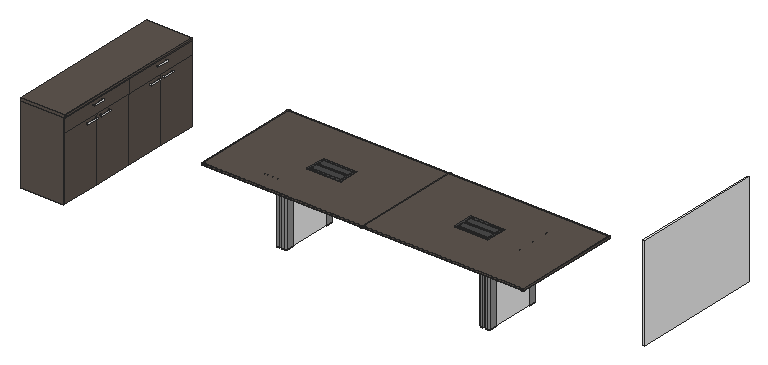
Revit family "T400150", category Furniture, Revit 2018 (continued)
Definition of nested family "FIRST OFFICE_INTERMIX_BASES_METAL-END-CAP-PEDESTAL"
  Automatic sketch dimensions
    Extrusion 14 sketch curve to Extrusion 14 sketch curve = 0' - 0.73166"
    Extrusion 14 sketch curve to plane 15 = 0' - 1.18745"
    Extrusion 14 sketch curve to Extrusion 14 sketch curve = 0' - 1.0626"
    Extrusion 14 sketch curve to Extrusion 14 sketch curve = 0' - 1.15615"
    Extrusion 14 sketch curve to Extrusion 14 sketch curve = 0' - 1.20574"
    Extrusion 14 sketch curve to Extrusion 14 sketch curve = 0' - 0 25/32"
    Extrusion 15 sketch curve to plane 9 = 0' - 0"
    plane 8 to Extrusion 15 sketch curve = 0' - 0"
    Extrusion 15 sketch curve to plane 9 = 0' - 1 3/32"
    Extrusion 15 sketch curve to plane 12 = 0' - 4 1/16"  (x2)
    Extrusion 15 sketch curve to Extrusion 15 sketch curve = 0' - 0 3/4"  (x2)
    Extrusion 15 sketch curve to plane 8 = 0' - 1 3/32"
    plane 8 to Masking region 7 sketch curve = 0' - 0"
    Masking region 7 sketch curve to plane 9 = 0' - 0"
    Masking region 7 sketch curve to plane 15 = 0' - 0"
    Masking region 7 sketch curve to plane 15 = 0' - 1 7/32"  (x2)
    Masking region 7 sketch curve to Masking region 7 sketch curve = 0' - 1"  (x2)
    Masking region 7 sketch curve to plane 7 = 0' - 1 17/32"
    Masking region 7 sketch curve to Masking region 7 sketch curve = 0' - 1 1/4"  (x2)
    Masking region 7 sketch curve to plane 12 = 0' - 4 1/16"
    Masking region 7 sketch curve to plane 9 = 0' - 1 3/32"  (x2)
    Masking region 7 sketch curve to Masking region 7 sketch curve = 0' - 0 23/32"
    Masking region 7 sketch curve to Masking region 7 sketch curve = 0' - 0 3/4"  (x6)
    plane 15 to Masking region 7 sketch curve = 0' - 0 1/32"  (x2)
    plane 15 to Masking region 7 sketch curve = 0' - 0 3/4"
    plane 15 to Masking region 7 sketch curve = 0' - 0 25/32"  (x2)
    Masking region 7 sketch curve to Masking region 7 sketch curve = 0' - 0"
    Masking region 7 sketch curve to Masking region 7 sketch curve = 0' - 0 1/2"
    Masking region 7 sketch curve to plane 8 = 0' - 1 3/32"  (x2)
    plane 6 to Masking region 7 sketch curve = 0' - 2 9/32"  (x2)
    Masking region 7 sketch curve to Masking region 7 sketch curve = 0' - 0 1/4"
    Extrusion 16 sketch curve to plane 9 = 0' - 1 3/32"
    Extrusion 17 sketch curve to plane 16 = 0' - 0"
    Extrusion 17 sketch curve to plane 8 = 0' - 0 3/32"
    Extrusion 17 sketch curve to plane 8 = 0' - 1 3/32"  (x2)
    plane 6 to Extrusion 17 sketch curve = 0' - 2 9/32"  (x2)
    plane 16 to Extrusion 17 sketch curve = 0' - 0 25/32"
    Extrusion 17 sketch curve to Extrusion 17 sketch curve = 0' - 0 1/4"
    Extrusion 17 sketch curve to Extrusion 17 sketch curve = 0' - 0 1/2"
    plane 16 to Extrusion 17 sketch curve = 0' - 0 1/32"
    Extrusion 17 sketch curve to Extrusion 17 sketch curve = 0' - 0 3/4"
    Extrusion 17 sketch curve to plane 16 = 0' - 1 7/32"
    Extrusion 17 sketch curve to Extrusion 17 sketch curve = 0' - 1"
    Extrusion 17 sketch curve to plane 16 = 0' - 3 7/16"
    Extrusion 17 sketch curve to Extrusion 17 sketch curve = 0' - 1 1/4"
    Extrusion 17 sketch curve to Extrusion 17 sketch curve = 0' - 0 25/32"
    Extrusion 18 sketch curve to plane 16 = 0' - 0.0313"
    Extrusion 18 sketch curve to plane 8 = 0' - 0.12505"
    Extrusion 18 sketch curve to plane 8 = 0' - 1.12505"  (x2)
    plane 6 to Extrusion 18 sketch curve = 0' - 2.29421"  (x2)
    plane 16 to Extrusion 18 sketch curve = 0' - 0.74995"
    Extrusion 18 sketch curve to Extrusion 18 sketch curve = 0' - 0.23166"
    Extrusion 18 sketch curve to Extrusion 18 sketch curve = 0' - 0 1/2"
    plane 16 to Extrusion 18 sketch curve = 0' - 0.01829"
    Extrusion 18 sketch curve to Extrusion 18 sketch curve = 0' - 0.73166"
    Extrusion 18 sketch curve to plane 16 = 0' - 1.18745"
    Extrusion 18 sketch curve to Extrusion 18 sketch curve = 0' - 1.0626"
    Extrusion 18 sketch curve to Extrusion 18 sketch curve = 0' - 1.15615"
    Extrusion 18 sketch curve to Extrusion 18 sketch curve = 0' - 1.20574"
    Extrusion 18 sketch curve to Extrusion 18 sketch curve = 0' - 0 25/32"
    Extrusion 19 sketch curve to plane 8 = 0' - 1 3/32"
    Extrusion 19 sketch curve to plane 9 = 0' - 1 3/32"
    Extrusion 19 sketch curve to plane 16 = 0' - 3 7/16"
    Extrusion 20 sketch curve to plane 16 = 0' - 0"
    Extrusion 20 sketch curve to plane 9 = 0' - 0 3/32"
    Extrusion 20 sketch curve to plane 9 = 0' - 1 3/32"  (x2)
    Extrusion 20 sketch curve to plane 7 = 0' - 2 9/32"  (x2)
    plane 16 to Extrusion 20 sketch curve = 0' - 0 25/32"
    Extrusion 20 sketch curve to Extrusion 20 sketch curve = 0' - 0 1/4"
    Extrusion 20 sketch curve to Extrusion 20 sketch curve = 0' - 0 1/2"
    plane 16 to Extrusion 20 sketch curve = 0' - 0 1/32"
    Extrusion 20 sketch curve to Extrusion 20 sketch curve = 0' - 0 3/4"
    Extrusion 20 sketch curve to plane 16 = 0' - 1 7/32"
    Extrusion 20 sketch curve to Extrusion 20 sketch curve = 0' - 1"
    Extrusion 20 sketch curve to plane 16 = 0' - 3 7/16"
    Extrusion 20 sketch curve to Extrusion 20 sketch curve = 0' - 1 1/4"
    Extrusion 20 sketch curve to Extrusion 20 sketch curve = 0' - 0 25/32"
    Extrusion 21 sketch curve to plane 16 = 0' - 0.0313"
    Extrusion 21 sketch curve to plane 9 = 0' - 0.12505"
    Extrusion 21 sketch curve to plane 9 = 0' - 1.12505"  (x2)
    Extrusion 21 sketch curve to plane 7 = 0' - 2.29421"  (x2)
    plane 16 to Extrusion 21 sketch curve = 0' - 0.74995"
    Extrusion 21 sketch curve to Extrusion 21 sketch curve = 0' - 0.23166"
    Extrusion 21 sketch curve to Extrusion 21 sketch curve = 0' - 0 1/2"
    plane 16 to Extrusion 21 sketch curve = 0' - 0.01829"
    Extrusion 21 sketch curve to Extrusion 21 sketch curve = 0' - 0.73166"
    Extrusion 21 sketch curve to plane 16 = 0' - 1.18745"
    Extrusion 21 sketch curve to Extrusion 21 sketch curve = 0' - 1.0626"
    Extrusion 21 sketch curve to Extrusion 21 sketch curve = 0' - 3.3749"
    Extrusion 21 sketch curve to Extrusion 21 sketch curve = 0' - 1.20574"
    Extrusion 21 sketch curve to Extrusion 21 sketch curve = 0' - 0 25/32"
    Extrusion 22 sketch curve to plane 9 = 0' - 0"
    plane 8 to Extrusion 22 sketch curve = 0' - 0"
    plane 9 to Extrusion 22 sketch curve = 0' - 1 3/32"
    plane 14 to Extrusion 22 sketch curve = 0' - 4 1/16"  (x2)
    Extrusion 22 sketch curve to Extrusion 22 sketch curve = 0' - 0 3/4"  (x2)
    plane 8 to Extrusion 22 sketch curve = 0' - 1 3/32"
    Masking region 8 sketch curve to plane 9 = 0' - 0"
    plane 8 to Masking region 8 sketch curve = 0' - 0"
    Masking region 8 sketch curve to plane 16 = 0' - 0"
    Masking region 8 sketch curve to plane 9 = 0' - 1 3/32"  (x2)
    Masking region 8 sketch curve to plane 7 = 0' - 2 9/32"  (x2)
    plane 16 to Masking region 8 sketch curve = 0' - 0 25/32"  (x2)
    Masking region 8 sketch curve to Masking region 8 sketch curve = 0' - 0 1/4"  (x2)
    Masking region 8 sketch curve to Masking region 8 sketch curve = 0' - 0 1/2"  (x2)
    Masking region 8 sketch curve to plane 8 = 0' - 1 3/32"  (x2)
    plane 6 to Masking region 8 sketch curve = 0' - 2 9/32"  (x2)
    plane 16 to Masking region 8 sketch curve = 0' - 0 1/32"  (x2)
    Masking region 8 sketch curve to Masking region 8 sketch curve = 0' - 0 3/4"  (x4)
    Masking region 8 sketch curve to plane 16 = 0' - 1 7/32"  (x2)
    Masking region 8 sketch curve to Masking region 8 sketch curve = 0' - 1"  (x2)
    Masking region 8 sketch curve to Masking region 8 sketch curve = 0' - 1 1/4"  (x2)
    Masking region 8 sketch curve to plane 14 = 0' - 4 1/16"
    Masking region 8 sketch curve to Masking region 8 sketch curve = 0' - 0 23/32"
    Masking region 8 sketch curve to Masking region 8 sketch curve = 0' - 0 1/32"
Definition of nested family "FIRST OFFICE_INTERMIX_TOPS_RECTANGULAR"
  Parameters (values of type "INTERMIX-TOP-RECTANGULAR_CC-K7236RT")
    URL = "http://www.firstoffice.com/products/tables/intermix"
    TWO PIECE = TOP WIDTH > 9' 0"  # no
    TOP WIDTH = 6' - 0"
    TOP DEPTH = 3' - 0"
    TOP CORE = none
    THICKNESS = 0' - 1 1/8"
    ONE PIECE = TOP WIDTH < 9' 0"  # yes
    Manufacturer = "FIRST OFFICE-INTERMIX"
    MODEL NUMBER = "CC-K7236RT"
    MANUFACTURERS' CODE = "FOF"
    ENVIRONMENTAL = "http://www.firstoffice.com/company/environment/"
    EDGE SHAPE = none
    Description = "RECTANGULAR TOP/SEATS 6"
    CATALOG CODE = "FOF"
  Types (36): name | TWO PIECE | TOP WIDTH | TOP DEPTH | THICKNESS | ONE PIECE | MODEL NUMBER | Description
    (no name) | no | 6' - 0" | 3' - 0" | 0' - 1 1/8" | yes | "CC-K7236RT" | "RECTANGULAR TOP/SEATS 6"
    INTERMIX-TOP-RECTANGULAR_CC-K7236RT | no | 6' - 0" | 3' - 0" | 0' - 1 1/8" | yes | "CC-K7236RT" | "RECTANGULAR TOP/SEATS 6"
    INTERMIX-TOP-RECTANGULAR_CC-K8442RT | no | 7' - 0" | 3' - 6" | 0' - 1 1/8" | yes | "CC-K8442RT" | "RECTANGULAR TOP/SEATS 6"
    INTERMIX-TOP-RECTANGULAR_CC-K9642RT | no | 8' - 0" | 3' - 6" | 0' - 1 1/8" | yes | "CC-K9642RT" | "RECTANGULAR TOP/SEATS 8"
    INTERMIX-TOP-RECTANGULAR_CC-K12048RT | yes | 10' - 0" | 4' - 0" | 0' - 1 1/8" | no | "CC-K12048RT" | "RECTANGULAR TOP/SEATS 10"
    INTERMIX-TOP-RECTANGULAR_CC-K14448RT | yes | 12' - 0" | 4' - 0" | 0' - 1 1/8" | no | "CC-K14448RT" | "RECTANGULAR TOP/SEATS 12"
    INTERMIX-TOP-RECTANGULAR_CC-K16848RT | yes | 14' - 0" | 4' - 0" | 0' - 1 1/8" | no | "CC-K16848RT" | "RECTANGULAR TOP/SEATS 14"
    INTERMIX-TOP-RECTANGULAR_CC-K19248RT | yes | 16' - 0" | 4' - 0" | 0' - 1 1/8" | no | "CC-K19248RT" | "RECTANGULAR TOP/SEATS 16"
    INTERMIX-TOP-RECTANGULAR_CC-P7236RT | no | 6' - 0" | 3' - 0" | 0' - 1 1/8" | yes | "CC-P7236RT" | "RECTANGULAR TOP/SEATS 6"
    INTERMIX-TOP-RECTANGULAR_CC-P8442RT | no | 7' - 0" | 3' - 6" | 0' - 1 1/8" | yes | "CC-P8442RT" | "RECTANGULAR TOP/SEATS 6"
    INTERMIX-TOP-RECTANGULAR_CC-P9642RT | no | 8' - 0" | 3' - 6" | 0' - 1 1/8" | yes | "CC-P9642RT" | "RECTANGULAR TOP/SEATS 8"
    INTERMIX-TOP-RECTANGULAR_CC-P12048RT | yes | 10' - 0" | 4' - 0" | 0' - 1 1/8" | no | "CC-P12048RT" | "RECTANGULAR TOP/SEATS 10"
    INTERMIX-TOP-RECTANGULAR_CC-P14448RT | yes | 12' - 0" | 4' - 0" | 0' - 1 1/8" | no | "CC-P14448RT" | "RECTANGULAR TOP/SEATS 12"
    INTERMIX-TOP-RECTANGULAR_CC-P16848RT | yes | 14' - 0" | 4' - 0" | 0' - 1 1/8" | no | "CC-P16848RT" | "RECTANGULAR TOP/SEATS 14"
    INTERMIX-TOP-RECTANGULAR_CC-P19248RT | yes | 16' - 0" | 4' - 0" | 0' - 1 1/8" | no | "CC-P19248RT" | "RECTANGULAR TOP/SEATS 16"
    INTERMIX-TOP-RECTANGULAR_CC-C7236RT | no | 6' - 0" | 3' - 0" | 0' - 1.188" | yes | "CC-C7236RT" | "RECTANGULAR TOP/SEATS 6"
    INTERMIX-TOP-RECTANGULAR_CC-C8442RT | no | 7' - 0" | 3' - 6" | 0' - 1.188" | yes | "CC-C8442RT" | "RECTANGULAR TOP/SEATS 6"
    INTERMIX-TOP-RECTANGULAR_CC-C9642RT | no | 8' - 0" | 3' - 6" | 0' - 1.188" | yes | "CC-C9642RT" | "RECTANGULAR TOP/SEATS 8"
    INTERMIX-TOP-RECTANGULAR_CC-C12048RT | yes | 10' - 0" | 4' - 0" | 0' - 1.188" | no | "CC-C12048RT" | "RECTANGULAR TOP/SEATS 10"
    INTERMIX-TOP-RECTANGULAR_CC-C14448RT | yes | 12' - 0" | 4' - 0" | 0' - 1.188" | no | "CC-C14448RT" | "RECTANGULAR TOP/SEATS 12"
    INTERMIX-TOP-RECTANGULAR_CC-C16848RT | yes | 14' - 0" | 4' - 0" | 0' - 1.188" | no | "CC-C16848RT" | "RECTANGULAR TOP/SEATS 14"
    INTERMIX-TOP-RECTANGULAR_CC-C19248RT | yes | 16' - 0" | 4' - 0" | 0' - 1.188" | no | "CC-C19248RT" | "RECTANGULAR TOP/SEATS 16"
    INTERMIX-TOP-RECTANGULAR_CC-L7236RT | no | 6' - 0" | 3' - 0" | 0' - 1.188" | yes | "CC-L7236RT" | "RECTANGULAR TOP/SEATS 6"
    INTERMIX-TOP-RECTANGULAR_CC-L8442RT | no | 7' - 0" | 3' - 6" | 0' - 1.188" | yes | "CC-L8442RT" | "RECTANGULAR TOP/SEATS 6"
    INTERMIX-TOP-RECTANGULAR_CC-L9642RT | no | 8' - 0" | 3' - 6" | 0' - 1.188" | yes | "CC-L9642RT" | "RECTANGULAR TOP/SEATS 8"
    INTERMIX-TOP-RECTANGULAR_CC-L12048RT | yes | 10' - 0" | 4' - 0" | 0' - 1.188" | no | "CC-L12048RT" | "RECTANGULAR TOP/SEATS 10"
    INTERMIX-TOP-RECTANGULAR_CC-L14448RT | yes | 12' - 0" | 4' - 0" | 0' - 1.188" | no | "CC-L14448RT" | "RECTANGULAR TOP/SEATS 12"
    INTERMIX-TOP-RECTANGULAR_CC-L16848RT | yes | 14' - 0" | 4' - 0" | 0' - 1.188" | no | "CC-L16848RT" | "RECTANGULAR TOP/SEATS 14"
    INTERMIX-TOP-RECTANGULAR_CC-L19248RT | yes | 16' - 0" | 4' - 0" | 0' - 1.188" | no | "CC-L19248RT" | "RECTANGULAR TOP/SEATS 16"
    INTERMIX-TOP-RECTANGULAR_CC-W7236RT | no | 6' - 0" | 3' - 0" | 0' - 1.188" | yes | "CC-W7236RT" | "RECTANGULAR TOP/SEATS 6"
    INTERMIX-TOP-RECTANGULAR_CC-W8442RT | no | 7' - 0" | 3' - 6" | 0' - 1.188" | yes | "CC-W8442RT" | "RECTANGULAR TOP/SEATS 6"
    INTERMIX-TOP-RECTANGULAR_CC-W9642RT | no | 8' - 0" | 3' - 6" | 0' - 1.188" | yes | "CC-W9642RT" | "RECTANGULAR TOP/SEATS 8"
    INTERMIX-TOP-RECTANGULAR_CC-W12048RT | yes | 10' - 0" | 4' - 0" | 0' - 1.188" | no | "CC-W12048RT" | "RECTANGULAR TOP/SEATS 10"
    INTERMIX-TOP-RECTANGULAR_CC-W14448RT | yes | 12' - 0" | 4' - 0" | 0' - 1.188" | no | "CC-W14448RT" | "RECTANGULAR TOP/SEATS 12"
    INTERMIX-TOP-RECTANGULAR_CC-W16848RT | yes | 14' - 0" | 4' - 0" | 0' - 1.188" | no | "CC-W16848RT" | "RECTANGULAR TOP/SEATS 14"
    INTERMIX-TOP-RECTANGULAR_CC-W19248RT | yes | 16' - 0" | 4' - 0" | 0' - 1.188" | no | "CC-W19248RT" | "RECTANGULAR TOP/SEATS 16"
  Reference planes (in)
    plane 1 "Center Front/Back": y = 0
    plane 2: z = 0
    plane 3 "Center Left/Right": x = 0
    plane 4 "LEFT": x = -36
    plane 5 "RIGHT": x = 36
    plane 6 "SURFACE TOP": z = 29.9375
    plane 7 "BASE HEIGHT": z = 28.8125
    plane 8 "BACK": y = 18
    plane 9 "FRONT": y = -18
  Forms (in)
    Sweep 1, solid, material <- "EDGE SHAPE", visible <- "ONE PIECE"
      path origin (0, 0, 28.8125) x (0, 1, 0) y (-1, 0, 0)
        loop
          line (-18, 36) -> (-18, -36) -> (18, -36) -> (18, 36) -> (-18, 36)
      profile origin (-36, 0, 28.8125) x (-1, 0, 0) y (0, 0, 1)
        loop
          line (0, 0.125) -> (0, 1)
          arc (0, 1) -> (-0.03661, 1.08839) -> (-0.125, 1.125) r 0.125
          line (-0.125, 1.125) -> (-0.125, 0)
          arc (-0.125, 0) -> (-0.03661, 0.03661) -> (0, 0.125) r 0.125
    Extrusion 2, solid, material <- "TOP CORE", visible <- "ONE PIECE"
      sketch origin (0, 0, 28.8125) x (0, 1, 0) y (-1, 0, 0)
        loop
          line (17.875, 35.875) -> (-17.875, 35.875) -> (-17.875, -35.875) -> (17.875, -35.875) -> (17.875, 35.875)
      from 0 to 1.125
    Sweep 3, solid, material <- "EDGE SHAPE", visible <- "TWO PIECE"
      path origin (0, -2, 28.8125) x (0, 1, 0) y (-1, 0, 0)
        loop
          line (-16, 0) -> (-16, 36) -> (20, 36) -> (20, 0)
      profile origin (-36, 0, 28.8125) x (-1, 0, 0) y (0, 0, 1)
        loop
          line (0, 0.125) -> (0, 1)
          arc (0, 1) -> (-0.03661, 1.08839) -> (-0.125, 1.125) r 0.125
          line (-0.125, 1.125) -> (-0.125, 0)
          arc (-0.125, 0) -> (-0.03661, 0.03661) -> (0, 0.125) r 0.125
    Extrusion 4, solid, material <- "TOP CORE", visible <- "TWO PIECE"
      sketch origin (0, -2, 28.8125) x (0, 1, 0) y (-1, 0, 0)
        loop
          line (19.875, 35.875) -> (-15.875, 35.875) -> (-15.875, 0) -> (19.875, 0) -> (19.875, 35.875)
      from 0 to 1.125
    Sweep 5, solid, material <- "EDGE SHAPE", visible <- "TWO PIECE"
      path origin (7.99831, -1.99832, 28.8125) x (0, -1, 0) y (1, 0, 0)
        loop
          line (-19.99832, -7.99831) -> (-19.99832, 28.00169) -> (16.00168, 28.00169) -> (16.00168, -7.99831)
      profile origin (36, 0, 28.8125) x (1, 0, 0) y (0, 0, 1)
        loop
          line (0, 0.125) -> (0, 1)
          arc (0, 1) -> (-0.03661, 1.08839) -> (-0.125, 1.125) r 0.125
          line (-0.125, 1.125) -> (-0.125, 0)
          arc (-0.125, 0) -> (-0.03661, 0.03661) -> (0, 0.125) r 0.125
    Extrusion 6, solid, material <- "TOP CORE", visible <- "TWO PIECE"
      sketch origin (7.99831, -1.99832, 28.8125) x (0, -1, 0) y (1, 0, 0)
        loop
          line (15.87668, 27.87669) -> (-19.87332, 27.87669) -> (-19.87332, -7.99831) -> (15.87668, -7.99831) -> (15.87668, 27.87669)
      from 0 to 1.125
  Lines and regions (in)
    Masking region 1, visible <- "ONE PIECE"
      outline origin (0, 0, 0) x (1, 0, 0) y (0, 1, 0)
        loop
          line (-36.00169, 18.00168) -> (-36.00169, -17.99832) -> (35.99831, -17.99832) -> (35.99831, 18.00168) -> (-36.00169, 18.00168)
    Masking region 2, visible <- "TWO PIECE"
      outline origin (0, -2, 0) x (1, 0, 0) y (0, 1, 0)
        loop
          line (-36.00169, 20) -> (-36.00169, -16) -> (0, -16) -> (0, 20) -> (-36.00169, 20)
    Masking region 3, visible <- "TWO PIECE"
      outline origin (7.99831, -1.99832, 0) x (-1, 0, 0) y (0, -1, 0)
        loop
          line (-28.00169, 16.00168) -> (-28.00169, -19.99832) -> (7.99831, -19.99832) -> (7.99831, 16.00168) -> (-28.00169, 16.00168)
  Dimensions and locks (in)
    equal spacing: plane 4 "LEFT", plane 3 "Center Left/Right", plane 5 "RIGHT"
    "TOP WIDTH": plane 4 "LEFT" to plane 5 "RIGHT"
    "THICKNESS": plane 6 "SURFACE TOP" to plane 7 "BASE HEIGHT"
    locked: plane 7 "BASE HEIGHT" to plane 2 at 28.8125
    equal spacing: plane 9 "FRONT", plane 1 "Center Front/Back", plane 8 "BACK"
    "TOP DEPTH": plane 8 "BACK" to plane 9 "FRONT"
    aligned and locked: Extrusion 2 to plane 7 "BASE HEIGHT"
    aligned and locked: plane 6 "SURFACE TOP" to Extrusion 2
    aligned and locked: profile plane to Sweep 1 sketch curve  (x2)
    aligned and locked: plane 6 "SURFACE TOP" to Sweep 1 sketch curve
    aligned and locked: Extrusion 2 to Sweep 1  (x4)
    aligned and locked: profile plane to Sweep 3 sketch curve  (x2)
    aligned and locked: Extrusion 4 to Sweep 3  (x3)
    aligned: Extrusion 4 to Sweep 3  (x2)
    aligned and locked: plane 3 "Center Left/Right" to Extrusion 4
    aligned and locked: plane 4 "LEFT" to Sweep 3 sketch curve
    aligned and locked: plane 3 "Center Left/Right" to Masking region 2
    aligned and locked: profile plane to Sweep 5 sketch curve  (x2)
    aligned: Sweep 5 to Extrusion 6  (x3)
    aligned and locked: Extrusion 6 to plane 3 "Center Left/Right"
    aligned and locked: Masking region 3 to plane 3 "Center Left/Right"
    aligned and locked: plane 5 "RIGHT" to Masking region 3
    aligned and locked: Sweep 5 sketch curve to plane 5 "RIGHT"
    aligned and locked: plane 3 "Center Left/Right" to Sweep 5 sketch curve
    aligned and locked: Extrusion 6 to Sweep 5 sketch curve
    aligned and locked: Extrusion 6 to Sweep 5  (x3)
    aligned and locked: plane 8 "BACK" to Masking region 2 sketch curve
    aligned and locked: plane 9 "FRONT" to Masking region 2 sketch curve
    aligned and locked: Sweep 3 sketch curve to plane 8 "BACK"
    aligned and locked: Sweep 3 sketch curve to plane 9 "FRONT"
    aligned and locked: plane 8 "BACK" to Masking region 3 sketch curve
    aligned and locked: plane 9 "FRONT" to Masking region 3 sketch curve
    aligned and locked: Sweep 5 sketch curve to plane 8 "BACK"
    aligned and locked: Sweep 5 sketch curve to plane 9 "FRONT"
    aligned and locked: plane 6 "SURFACE TOP" to Sweep 3 sketch curve
    aligned and locked: plane 6 "SURFACE TOP" to Extrusion 4
    aligned and locked: plane 6 "SURFACE TOP" to Sweep 5 sketch curve
    aligned and locked: plane 6 "SURFACE TOP" to Extrusion 6
  Automatic sketch dimensions
    Sweep 1 sketch curve to plane 4 "LEFT" = 0' - 0"
    plane 9 "FRONT" to Sweep 1 sketch curve = 0' - 0"
    Sweep 1 sketch curve to plane 5 "RIGHT" = 0' - 0"
    Sweep 1 sketch curve to plane 8 "BACK" = 0' - 0"
    Sweep 1 sketch curve to plane 7 "BASE HEIGHT" = 0' - 0"
    profile plane to Sweep 1 sketch curve = 0' - 0 1/8"  (x2)
    Sweep 1 sketch curve to Sweep 1 sketch curve = 0' - 0"  (x2)
    Extrusion 2 sketch curve to plane 9 "FRONT" = 0' - 0 1/8"
    Extrusion 2 sketch curve to plane 8 "BACK" = 0' - 0 1/8"
    Extrusion 2 sketch curve to plane 5 "RIGHT" = 0' - 0 1/8"
    plane 4 "LEFT" to Extrusion 2 sketch curve = 0' - 0 1/8"
    Masking region 1 sketch curve to plane 4 "LEFT" = 0' - 0.00169"
    Masking region 1 sketch curve to plane 5 "RIGHT" = 0' - 0.00169"
    Masking region 1 sketch curve to plane 9 "FRONT" = 0' - 0.00168"
    plane 8 "BACK" to Masking region 1 sketch curve = 0' - 0.00168"
    Sweep 3 sketch curve to plane 3 "Center Left/Right" = 0' - 0"  (x2)
    profile plane to Sweep 3 sketch curve = 0' - 0 1/8"
    Extrusion 4 sketch curve to plane 3 "Center Left/Right" = 0' - 0"
    plane 4 "LEFT" to Extrusion 4 sketch curve = 0' - 0 1/8"
    Extrusion 4 sketch curve to plane 9 "FRONT" = 0' - 0 1/8"
    Extrusion 4 sketch curve to plane 9 "FRONT" = 2' - 11 7/8"
    Masking region 2 sketch curve to plane 3 "Center Left/Right" = 0' - 0"
    Masking region 2 sketch curve to plane 4 "LEFT" = 0' - 0.00169"
    profile plane to Sweep 5 sketch curve = 0' - 0 1/8"
    Extrusion 6 sketch curve to plane 5 "RIGHT" = 0' - 0 1/8"
    Extrusion 6 sketch curve to plane 9 "FRONT" = 2' - 11 7/8"
    plane 3 "Center Left/Right" to Extrusion 6 sketch curve = 0' - 0"
    Extrusion 6 sketch curve to Extrusion 6 sketch curve = 2' - 11 3/4"
    plane 5 "RIGHT" to Masking region 3 sketch curve = 0' - 0"
    plane 3 "Center Left/Right" to Masking region 3 sketch curve = 0' - 0"
